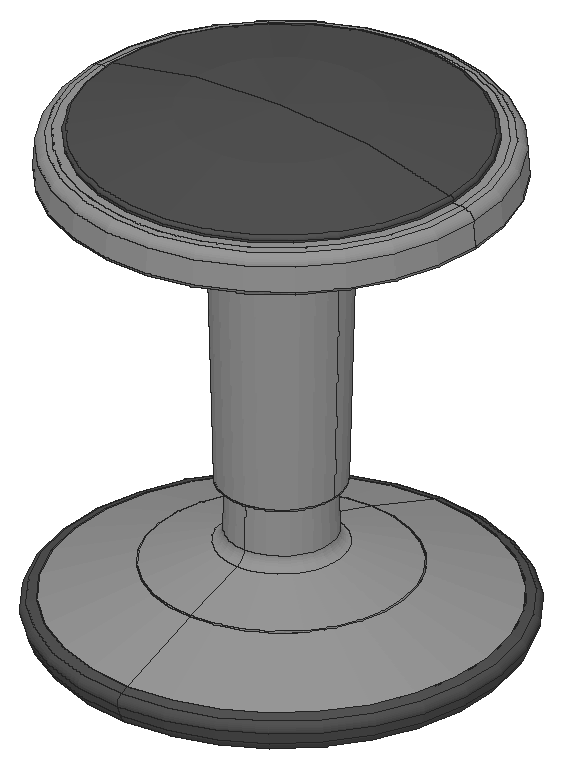
Revit family "Grow Stool - Small", category Generic Models, Revit 2018
Family settings
  Can host rebar = No
  Round Connector Dimension = Use Diameter
  Part Type = Normal
  Work Plane-Based = No
  Always vertical = Yes
  Cut with Voids When Loaded = No
  Shared = No
  Room Calculation Point = No
Parameters
  Height = 1' - 4"
  Color = Grow Stool Small Color Frame
Reference planes (in)
  plane 1 "Center (Front/Back)": y = 0
  plane 2: z = 0
  plane 3 "Center (Left/Right)": x = 0
  plane 4 "Grow Stool Height": z = 16
  plane 5: z = 5.13672
Dimensions and locks (in)
  locked: plane 4 "Grow Stool Height" to plane 5 at 10.86328
  "Height": plane 4 "Grow Stool Height" to level
  aligned and locked: plane 2 to level
  aligned and locked: plane 5 to nested 2
  aligned and locked: nested 2 to plane 5
Nested families (in)
  nested 1: "Grow Stool Small Bottom" at (0, 0, 0), type "Grow Stool Small Bottom"
  nested 2: "Grow Stool Small Top" at (0, 0, 5.09877), type "Grow Stool Small Top"
Definition of nested family "Grow Stool Small Bottom"
  Parameters (values of type "Grow Stool Small Bottom")
    Color = none
  Reference planes (in)
    plane 1 "Center (Front/Back)": y = 0
    plane 2: z = 0
    plane 3 "Center (Left/Right)": x = 0
  Forms (in)
    Revolve 1, solid
      sketch origin (0, 0, 0) x (0, 1, 0) y (0, 0, 1)
        loop
          line (-6.20643, 1.78157) -> (-6.47832, 1.67964)
          arc (-6.47832, 1.67964) -> (-6.60912, 1.55863) -> (-6.61774, 1.38065) r 0.23554
          line (-6.61774, 1.38065) -> (-6.50017, 1.04772)
          arc (-6.50017, 1.04772) -> (-6.37419, 0.85355) -> (-6.17368, 0.73792) r 0.49483
          arc (-6.17368, 0.73792) -> (-5.87757, 0.65398) -> (-5.5797, 0.57648) r 14.19068
          line (-5.5797, 0.57648) -> (-5.49636, 0.57648)
          arc (-5.49636, 0.57648) -> (-5.48276, 0.55379) -> (-5.45784, 0.54487) r 0.03927
          arc (-5.45784, 0.54487) -> (-4.03212, 0.25191) -> (-2.58581, 0.08852) r 16.14652
          arc (-2.58581, 0.08852) -> (-1.29366, 0.02214) -> (0, 0) r 37.8134
          line (0, 0) -> (0, 1.78157) -> (-6.20643, 1.78157)
        axis (0, 1.78157) -> (0, 0)
      angle from 0 to 360
    Revolve 2, solid, material <- "Color"
      sketch origin (0, 0, 0) x (0, 1, 0) y (0, 0, 1)
        loop
          arc (-3.67385, 2.67677) -> (-4.9435, 2.23868) -> (-6.20643, 1.78157) r 89.44423
          line (-6.20643, 1.78157) -> (0, 1.78157) -> (0, 2.67677) -> (-3.67385, 2.67677)
        axis (0, 2.67677) -> (0, 1.78157)
      angle from 0 to 360
    Revolve 3, solid, material <- "Color"
      sketch origin (0, 0, 0) x (0, 1, 0) y (0, 0, 1)
        loop
          line (-3.67385, 2.67677) -> (0, 2.67677) -> (0, 9.27699) -> (-1.28107, 9.27699)
          arc (-1.28107, 9.27699) -> (-1.32146, 9.26058) -> (-1.33897, 9.22065) r 0.05793
          line (-1.33897, 9.22065) -> (-1.49071, 3.67684)
          arc (-1.49071, 3.67684) -> (-1.56986, 3.44697) -> (-1.76902, 3.30755) r 0.39332
          arc (-1.76902, 3.30755) -> (-2.71487, 3.01163) -> (-3.6567, 2.70318) r 74.63388
          arc (-3.6567, 2.70318) -> (-3.67092, 2.69364) -> (-3.67385, 2.67677) r 0.02178
        axis (0, 9.27699) -> (0, 2.67677)
      angle from 0 to 360
  Lines and regions (in)
    symbolic lines
      curve 1: line (0, 0.03937, 1.0773) -> (0, -0.03937, 1.0773)
  Dimensions and locks (in)
    aligned and locked: plane 2 to level
Definition of nested family "Grow Stool Small Top"
  Parameters (values of type "Grow Stool Small Top")
    Color = none
  Reference planes (in)
    plane 1 "Center (Front/Back)": y = 0
    plane 2: z = 0
    plane 3 "Center (Left/Right)": x = 0
  Forms (in)
    Revolve 1, solid, material <- "Color"
      sketch origin (0, 0, 0) x (1, 0, 0) y (0, 0, 1)
        loop
          line (0, 0) -> (1.68316, 0)
          arc (1.68316, 0) -> (1.70999, 0.01111) -> (1.72111, 0.03794) r 0.03794
          line (1.72111, 0.03794) -> (1.89684, 6.78347)
          arc (1.89684, 6.78347) -> (2.00747, 7.11335) -> (2.284, 7.32452) r 0.59343
          arc (2.284, 7.32452) -> (3.04405, 7.62181) -> (3.80055, 7.92805) r 69.23467
          arc (3.80055, 7.92805) -> (3.815, 7.93988) -> (3.81932, 7.95715) r 0.02903
          arc (3.81932, 7.95715) -> (4.60792, 8.26379) -> (5.37199, 8.62723) r 11.57157
          arc (5.37199, 8.62723) -> (5.47029, 8.7074) -> (5.51104, 8.82753) r 0.22965
          line (5.51104, 8.82753) -> (6.165, 8.82753)
          arc (6.165, 8.82753) -> (6.18475, 8.82868) -> (6.20328, 8.83562) r 0.06602
          line (6.20328, 8.83562) -> (6.26382, 8.86385)
          arc (6.26382, 8.86385) -> (6.29917, 8.8956) -> (6.30901, 8.94209) r 0.07662
          line (6.30901, 8.94209) -> (6.2475, 9.64518)
          arc (6.2475, 9.64518) -> (6.16788, 9.82828) -> (5.9941, 9.9266) r 0.31463
          line (5.9941, 9.9266) -> (5.82448, 9.95957) -> (0, 9.95957) -> (0, 0)
        axis (0, 9.95957) -> (0, 0)
      angle from 0 to 360
    Revolve 2, solid
      sketch origin (0, 0, -2.44061) x (1, 0, 0) y (0, 0, 1)
        loop
          line (0, 13.30531) -> (0, 12.40018) -> (5.5564, 12.40018) -> (5.56225, 12.45921)
          arc (5.56225, 12.45921) -> (5.54178, 12.5375) -> (5.47527, 12.58358) r 0.11653
          arc (5.47527, 12.58358) -> (2.76132, 13.1241) -> (0, 13.30531) r 21.12916
        axis (0, 13.30531) -> (0, 12.40018)
      angle from 0 to 360
  Dimensions and locks (in)
    aligned and locked: plane 2 to level
